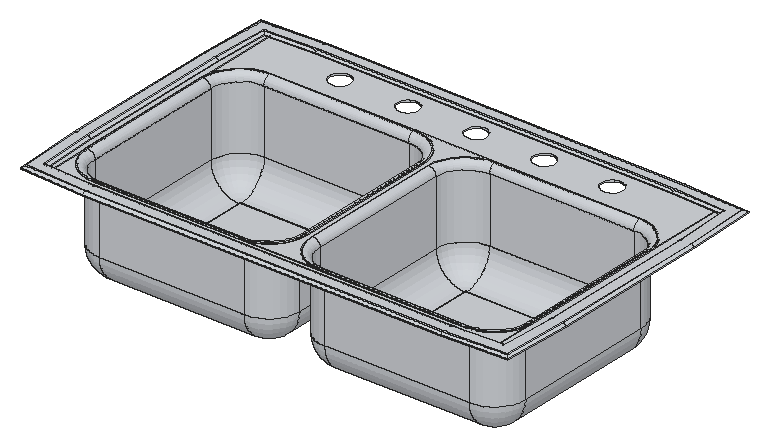
Revit family "LRAD291860", category Plumbing Fixtures, Revit 2019
Family settings
  Round Connector Dimension = Use Diameter
  Part Type = Normal
  OmniClass Number = 23.45.05.14.14
  OmniClass Title = Sinks/Lavatories
  Work Plane-Based = No
  Always vertical = Yes
  Cut with Voids When Loaded = No
  Shared = No
  Room Calculation Point = No
Parameters (values of type "LRAD2918605")
  URL = "www.elkayusa.com"
  Specification Sheet URL = "http://www.elkayusa.com/cps/rde/xbcr/elkay/01-62H_LR(Q)_LRAD(Q)_Double_Bowl.pdf"
  Sink Width = 1' - 6"  # constant formula
  Sink Material = none
  Sink Length = 2' - 5"  # constant formula
  Sink Ledge Sides Width = 0' - 1 7/8"  # constant formula
  Sink Ledge Front Width = 0' - 1 3/4"  # constant formula
  Sink Ledge Back Width = 0' - 4 1/4"  # constant formula
  Sink Depth = 0' - 6"  # constant formula
  Sink Bowl Formula = ((Sink Length - Sink Ledge Sides Width - Sink Ledge Sides Width - Partition Width) / 2)  # 1' - 0"
  Partition Width = 0' - 1 1/4"  # constant formula
  Model = "LR3321"
  Minimum Cabinet Width = "33\""
  Manufacturer = "Elkay Manufacturing"
  Installation Sheet URL = "http://www.elkayusa.com/cps/rde/xbcr/elkay/74180147.pdf"
  Hole 5 Top = 0' - 2"
  Hole 4 Top = 0' - 2"
  Hole 3 Top = 0' - 2"
  Hole 2 Top = 0' - 2"
  Hole 1 to 6 = 1' - 6"
  Hole 1 to 8 = 2' - 0"
  Hole 1 to 7 = 1' - 9"
  Hole 1 to 5 = 1' - 4"
  Hole 1 to 4 = 1' - 0"
  Hole 1 to 3 = 0' - 8"
  Hole 1 to 2 = 0' - 4"
  Hole 1 from CL = 0' - 8"
  Hole 1 Top = 0' - 2"
  Faucet Hole CL = 0' - 2 1/4"  # constant formula
  Drain Location = 0' - 6"  # constant formula
  Description = "Lustertone Double Bowl Sink"
  Deep Specification Sheet URL = "http://www.elkayusa.com/cps/rde/xbcr/elkay/01-19G_DLR(Q)_Double_Bowl.pdf"
  Custom Bowl = no
  Custom Bowl Length = ((Sink Length - Sink Ledge Sides Width - Sink Ledge Sides Width - Partition Width) / 2) - CL Sink to CL Partition  # 1' - 0"
  CL Sink to CL Partition = 0' - 0"
  Bowl Length = ((Sink Length - Sink Ledge Sides Width - Sink Ledge Sides Width - Partition Width) / 2)  # 1' - 0"
  Left Bowl Length = if(Custom Bowl, Custom Bowl Length, Sink Bowl Formula)  # 1' - 0"
  2D Hole 5 = Hole 5 Top = 0' 2"  # yes
  2D Hole 4 = Hole 4 Top = 0' 2"  # yes
  2D Hole 3 = Hole 3 Top = 0' 2"  # yes
  2D Hole 2 = Hole 2 Top = 0' 2"  # yes
  2D Hole 1 = Hole 1 Top = 0' 2"  # yes
Types (6): name | Hole 5 Top | Hole 4 Top | Hole 3 Top | Hole 2 Top | Hole 1 to 5 | Hole 1 from CL | 2D Hole 5 | 2D Hole 4 | 2D Hole 3 | 2D Hole 2
  LRAD2918605 | 0' - 2" | 0' - 2" | 0' - 2" | 0' - 2" | 1' - 4" | 0' - 8" | yes | yes | yes | yes
  LRAD2918604 | 0' - 1 1/2" | 0' - 2" | 0' - 2" | 0' - 2" | 1' - 3" | 0' - 4" | no | yes | yes | yes
  LRAD2918603 | 0' - 1 1/2" | 0' - 1 1/2" | 0' - 2" | 0' - 2" | 1' - 3" | 0' - 4" | no | no | yes | yes
  LRAD291860MR2 | 0' - 1 1/2" | 0' - 1 1/2" | 0' - 1 1/2" | 0' - 2" | 1' - 3" | 0' - 0" | no | no | no | yes
  LRAD2918602 | 0' - 1 1/2" | 0' - 1 1/2" | 0' - 1 1/2" | 0' - 2" | 1' - 3" | 0' - 2" | no | no | no | yes
  LRAD2918601 | 0' - 1 1/2" | 0' - 1 1/2" | 0' - 1 1/2" | 0' - 1 1/2" | 1' - 3" | 0' - 0" | no | no | no | no
Reference planes (in)
  plane 1 "CL Sink Hole": y = 0
  plane 2 "Rim Top Outside Corner": z = 0.0015695
  plane 3 "Center (Left/Right)": x = 0
  plane 4 "Basin Edge Left": x = -12.625
  plane 5 "Basin Edge Right": x = 12.625
  plane 6 "Basin Edge Back": y = 6
  plane 7 "Basin Edge Front": y = -6
  plane 8 "Left": x = -14.5
  plane 9 "Right": x = 14.5
  plane 10 "Back": y = 10.25
  plane 11 "Front": y = -7.75
  plane 12 "Sink Angle Back Corner": y = 10.0792275
  plane 13 "Sink Angle Right Corner": x = 14.3267866
  plane 14 "Sink Angle Right": x = 10.5172067
  plane 15 "Sink Angle Back": y = 5.9648437
  plane 16 "Sink Angle Left": x = -10.515625
  plane 17 "Sink Angle Left Corner": x = -14.328125
  plane 18 "Sink Angle Front Corner": y = -7.578125
  plane 19 "Sink Angle Front": y = -3.4648438
  plane 20 "Sink Top Face Back Edge": y = 9.2219509
  plane 21 "Sink Top Face Front Edge": y = -6.7226563
  plane 22 "Sink Top Face Right Edge": x = 13.0976563
  plane 23 "Sink Top Face Left Edge": x = -13.0976563
  plane 24 "Sink Bowl Bottom (Top Face)": z = -5.8945312
  plane 25 "Faucet CL": y = 8
  plane 26 "Sink Top Piece Top Face": z = -0.0194305
  plane 27 "Sink Top Piece Bottom Face": z = -0.0819305
  plane 28 "Left Sink Bottom Piece Right Edge": x = -2.3125
  plane 29 "Top Void for Radius Back Edge": y = 3.5
  plane 30 "back ledge void radius": y = 6.4921875
  plane 31 "front ledge void radius": y = -6.4921875
  plane 32 "Top Radius Corner Prot": z = -0.4405305
  plane 33: z = -4.2070312
  plane 34 "Sink Bowl Bottom (Bottom Face)": z = -5.9570312
  plane 35 "Left Sink Bottom Piece Left Edge": x = -10.9375
  plane 36 "Sink Bottom Piece Right Edge": x = 10.9375
  plane 37 "Sink Bottom Piece Back Edge": y = 4.3125
  plane 38 "Sink Bottom Piece Front Edge": y = -4.3125
  plane 39 "Top Void for Radius Front Edge": y = -3
  plane 40 "Sink Top Locked Edge Right": x = 13.5625
  plane 41 "Sink Top Locked Edge Left": x = -13.5625
  plane 42 "Hole 1": x = -8
  plane 43 "Hole 2": x = -4
  plane 44 "Hole 3": x = 0
  plane 45 "Hole 4": x = 4
  plane 46 "Hole 5": x = 8
  plane 47 "Faucet Hole Void Bottoms": z = -1.9984305
  plane 48 "Hole 1 Top": z = 0.0015695
  plane 49 "Hole 2 Top": z = 0.0015695
  plane 50 "Hole 3 Top": z = 0.0015695
  plane 51 "Hole 4 Top": z = 0.0015695
  plane 52 "Hole 5 Top": z = 0.0015695
  plane 53 "Top": z = 0.1054687
  plane 54 "Insertion Plan for Sink - Bottom Outside Corner of Rim": z = -0.0524008
  plane 55 "Center (Front/Back)": y = 0
  plane 56 "CL PARTITION": x = 0
  plane 57 "LEFT BOWL RIGHT EDGE": x = -0.625
  plane 58 "RIGHT BOWL LEFT EDGE": x = 0.625
  plane 59 "Sink Bottom Piece Left Edge": x = 2.3125
  plane 60 "Left Bowl CL Drain": x = -6.625
  plane 61 "Right Bowl CL Drain": x = 6.625
  plane 62 "Left Partition Left Edge": x = -0.1328125
  plane 63 "Left Partition Right Edge": x = 0.1328125
Forms (in)
  Sweep 1, solid, material <- "Sink Material"
    path origin (0, 0, 0) x (1, 0, 0) y (0, 1, 0)
      loop
        line (10.5172067, 10.25) -> (-10.515625, 10.25) -> (-14.328125, 10.0792275) -> (-14.5, 5.9648437) -> (-14.5, -3.4648438) -> (-14.328125, -7.578125) -> (-10.515625, -7.75) -> (10.5172067, -7.75) -> (14.3267866, -7.578125) -> (14.5, -3.4648438) -> (14.5, 5.9648437) -> (14.3267866, 10.0792275) -> (10.5172067, 10.25)
    profile "profile-elkay-sink-rim-1 : profile-elkay-sink-rim-1" origin (0.0007909, 10.25, 0) x (0, -1, 0) y (0, 0, 1)
      loop
        line (0, 0) -> (0, -0.0524008) -> (0.2039181, 0.0577989) -> (0.8052651, 0.0577989) -> (1.0074493, -0.0709913) -> (1.0074493, -0.0163327) -> (0.841093, 0.0896347)
        arc (0.841093, 0.0896347) -> (0.8176388, 0.1002604) -> (0.7921483, 0.1038992) r 0.091102
        line (0.7921483, 0.1038992) -> (0.2153023, 0.1038992)
        arc (0.2153023, 0.1038992) -> (0.1929626, 0.1011179) -> (0.1719868, 0.0929438) r 0.0911081
        line (0.1719868, 0.0929438) -> (0, 0)
  Extrusion 2, solid, material <- "Sink Material"
    sketch origin (0, 0, 0) x (1, 0, 0) y (0, 1, 0)
      loop
        line (-13.0976563, 9.2219509) -> (-13.0976563, 3.5) -> (13.0976563, 3.5) -> (13.0976563, 9.2219509) -> (-13.0976563, 9.2219509)
    from -0.0819305 to -0.0194305
  Extrusion 3, void
    sketch origin (0, 0, 0) x (1, 0, 0) y (0, 1, 0)
      loop
        line (13.0976563, 3.5) -> (13.0976563, 4.1441505)
        arc (13.0976563, 4.1441505) -> (12.4099322, 5.8044634) -> (10.7496193, 6.4921875) r 2.348037
        line (10.7496193, 6.4921875) -> (-10.75, 6.4921875)
        arc (-10.75, 6.4921875) -> (-12.4100437, 5.8045749) -> (-13.0976563, 4.1445312) r 2.3476562
        line (-13.0976563, 4.1445312) -> (-13.0976563, 3.5) -> (13.0976563, 3.5)
    from -0.7469965 to 0.495879
  Extrusion 4, solid, material <- "Sink Material"
    sketch origin (0, 0, 0) x (1, 0, 0) y (0, 1, 0)
      loop
        line (-13.0976563, -3.4648438) -> (-13.0976563, -6.7226563) -> (13.0976563, -6.7226563) -> (13.0976563, -3.4648438) -> (-13.0976563, -3.4648438)
    from -0.0819305 to -0.0194305
  Extrusion 5, void
    sketch origin (0, 0, 0) x (1, 0, 0) y (0, 1, 0)
      loop
        line (-13.0976563, -3) -> (-13.0976563, -4.2107599)
        arc (-13.0976563, -4.2107599) -> (-12.4294416, -5.8239728) -> (-10.8162287, -6.4921875) r 2.2814276
        line (-10.8162287, -6.4921875) -> (10.8164063, -6.4921875)
        arc (10.8164063, -6.4921875) -> (12.4294936, -5.8240248) -> (13.0976563, -4.2109375) r 2.28125
        line (13.0976563, -4.2109375) -> (13.0976563, -3) -> (-13.0976563, -3)
    from -1.9984305 to 0.6466859
  Extrusion 6, solid, material <- "Sink Material"
    sketch origin (0, 0, 0) x (1, 0, 0) y (0, 1, 0)
      loop
        line (-13.5625, 9.2219509) -> (-13.5625, -6.7226563) -> (-13.0976563, -6.7226563) -> (-13.0976563, 9.2219509) -> (-13.5625, 9.2219509)
    from -0.0819305 to -0.0194305
  Extrusion 7, solid, material <- "Sink Material"
    sketch origin (0, 0, 0) x (1, 0, 0) y (0, 1, 0)
      loop
        line (13.0976563, 9.2219509) -> (13.0976563, -6.7226563) -> (13.5625, -6.7226563) -> (13.5625, 9.2219509) -> (13.0976563, 9.2219509)
    from -0.0819305 to -0.0194305
  Sweep 8, solid, material <- "Sink Material"
    path origin (-14.75, 0, -0.0194305) x (-1, 0, 0) y (0, -1, 0)
      loop
        line (-12.375, -6) -> (-3.875, -6)
        arc (-3.875, -6) -> (-2.6375631, -5.4874369) -> (-2.125, -4.25) r 1.75
        line (-2.125, -4.25) -> (-2.125, 4.25)
        arc (-2.125, 4.25) -> (-2.6375631, 5.4874369) -> (-3.875, 6) r 1.75
        line (-3.875, 6) -> (-12.375, 6)
        arc (-12.375, 6) -> (-13.6124369, 5.4874369) -> (-14.125, 4.25) r 1.75
        line (-14.125, 4.25) -> (-14.125, -4.25)
        arc (-14.125, -4.25) -> (-13.6124369, -5.4874369) -> (-12.375, -6) r 1.75
    profile "profile-elkay-sink-top corner : profile-elkay-sink-top corner" origin (-6.625, 6, -0.0194305) x (0, -1, 0) y (0, 0, 1)
      loop
        line (-0.4204811, 0) -> (-0.4921875, 0) -> (-0.4921875, -0.0461) -> (-0.4204811, -0.0461)
        arc (-0.4204811, -0.0461) -> (-0.1553161, -0.155935) -> (-0.0454811, -0.4211) r 0.375
        line (-0.0454811, -0.4211) -> (0.0006189, -0.4211)
        arc (0.0006189, -0.4211) -> (-0.1227185, -0.1233373) -> (-0.4204811, 0) r 0.4211
  Sweep 9, solid, material <- "Sink Material"
    path origin (-14.75, 0, -5.8945312) x (-1, 0, 0) y (0, -1, 0)
      loop
        line (-2.125, -4.25) -> (-2.125, 4.25)
        arc (-2.125, 4.25) -> (-2.6375631, 5.4874369) -> (-3.875, 6) r 1.75
        line (-3.875, 6) -> (-12.375, 6)
        arc (-12.375, 6) -> (-13.6124369, 5.4874369) -> (-14.125, 4.25) r 1.75
        line (-14.125, 4.25) -> (-14.125, -4.25)
        arc (-14.125, -4.25) -> (-13.6124369, -5.4874369) -> (-12.375, -6) r 1.75
        line (-12.375, -6) -> (-3.875, -6)
        arc (-3.875, -6) -> (-2.6375631, -5.4874369) -> (-2.125, -4.25) r 1.75
    profile "profile-elkay-sink-btm-crnr_1-6875 : profile-elkay-sink-btm-crnr_1-6875" origin (-12.625, 0, -5.8945312) x (1, 0, 0) y (0, 0, 1)
      loop
        line (1.6875, -0.0625) -> (1.6875, 0)
        arc (1.6875, 0) -> (0.4942573, 0.4942573) -> (0, 1.6875) r 1.6875
        line (0, 1.6875) -> (-0.0625, 1.6875)
        arc (-0.0625, 1.6875) -> (0.4500631, 0.4500631) -> (1.6875, -0.0625) r 1.75
  Extrusion 10, solid, material <- "Sink Material"
    sketch origin (0, 0, 0) x (1, 0, 0) y (0, 1, 0)
      loop
        line (-10.9375, 4.3125) -> (-10.9375, -4.3125) -> (-2.3125, -4.3125) -> (-2.3125, 4.3125) -> (-10.9375, 4.3125)
    from -5.9570312 to -5.8945312
  Extrusion 11, solid, material <- "Sink Material"
    sketch origin (-14.75, 0, 0) x (1, 0, 0) y (0, 1, 0)
      loop
        arc (3.875, 6) -> (2.6375631, 5.4874369) -> (2.125, 4.25) r 1.75
        line (2.125, 4.25) -> (2.125, -4.25)
        arc (2.125, -4.25) -> (2.6375631, -5.4874369) -> (3.875, -6) r 1.75
        line (3.875, -6) -> (12.375, -6)
        arc (12.375, -6) -> (13.6124369, -5.4874369) -> (14.125, -4.25) r 1.75
        line (14.125, -4.25) -> (14.125, 4.25)
        arc (14.125, 4.25) -> (13.6124369, 5.4874369) -> (12.375, 6) r 1.75
        line (12.375, 6) -> (3.875, 6)
      loop
        arc (3.875, 6.0625) -> (2.593369, 5.531631) -> (2.0625, 4.25) r 1.8125
        line (2.0625, 4.25) -> (2.0625, -4.25)
        arc (2.0625, -4.25) -> (2.593369, -5.531631) -> (3.875, -6.0625) r 1.8125
        line (3.875, -6.0625) -> (12.375, -6.0625)
        arc (12.375, -6.0625) -> (13.656631, -5.531631) -> (14.1875, -4.25) r 1.8125
        line (14.1875, -4.25) -> (14.1875, 4.25)
        arc (14.1875, 4.25) -> (13.656631, 5.531631) -> (12.375, 6.0625) r 1.8125
        line (12.375, 6.0625) -> (3.875, 6.0625)
    from -4.2070312 to -0.4405305
  Extrusion 12, void
    sketch origin (0, 0, 0) x (1, 0, 0) y (0, 1, 0)
      loop
        circle (-6.625, 0) r 2.5
    from -5.9570312 to -5.8320312
  Sweep 13, solid, material <- "Sink Material"
    path origin (-14.75, 0, -5.8945312) x (-1, 0, 0) y (0, -1, 0)
      loop
        circle (-8.125, 0) r 2.501635
    profile "profile-elkay-sink-hole-1 : profile-elkay-sink-hole-1" origin (-6.625, -2.501635, -5.8945312) x (0, 1, 0) y (0, 0, 1)
      loop
        line (0.5785343, -0.3269365) -> (0.1564602, -0.1343744)
        arc (0.1564602, -0.1343744) -> (0.1424945, -0.125589) -> (0.1313144, -0.1134552) r 0.0625
        line (0.1313144, -0.1134552) -> (0.0881719, -0.0522605)
        arc (0.0881719, -0.0522605) -> (0.0506391, -0.015074) -> (0, 0) r 0.1086
        line (0, 0) -> (0, -0.0461763)
        arc (0, -0.0461763) -> (0.0262058, -0.0541921) -> (0.0464633, -0.0726482) r 0.0625
        line (0.0464633, -0.0726482) -> (0.093406, -0.1396891)
        arc (0.093406, -0.1396891) -> (0.1129384, -0.1609677) -> (0.1373891, -0.176345) r 0.1086
        line (0.1373891, -0.176345) -> (0.5785343, -0.3776079) -> (0.5785343, -0.3269365)
  Sweep 14, solid, material <- "Sink Material"
    path origin (14.75, 0, -0.0194305) x (-1, 0, 0) y (0, -1, 0)
      loop
        line (3.875, -6) -> (12.375, -6)
        arc (12.375, -6) -> (13.6124369, -5.4874369) -> (14.125, -4.25) r 1.75
        line (14.125, -4.25) -> (14.125, 4.25)
        arc (14.125, 4.25) -> (13.6124369, 5.4874369) -> (12.375, 6) r 1.75
        line (12.375, 6) -> (3.875, 6)
        arc (3.875, 6) -> (2.6375631, 5.4874369) -> (2.125, 4.25) r 1.75
        line (2.125, 4.25) -> (2.125, -4.25)
        arc (2.125, -4.25) -> (2.6375631, -5.4874369) -> (3.875, -6) r 1.75
    profile "profile-elkay-sink-top corner : profile-elkay-sink-top corner" origin (6.625, 6, -0.0194305) x (0, -1, 0) y (0, 0, 1)
      loop
        line (-0.4204811, 0) -> (-0.4921875, 0) -> (-0.4921875, -0.0461) -> (-0.4204811, -0.0461)
        arc (-0.4204811, -0.0461) -> (-0.1553161, -0.155935) -> (-0.0454811, -0.4211) r 0.375
        line (-0.0454811, -0.4211) -> (0.0006189, -0.4211)
        arc (0.0006189, -0.4211) -> (-0.1227185, -0.1233373) -> (-0.4204811, 0) r 0.4211
  Sweep 15, solid, material <- "Sink Material"
    path origin (14.75, 0, -5.8945312) x (-1, 0, 0) y (0, -1, 0)
      loop
        line (14.125, -4.25) -> (14.125, 4.25)
        arc (14.125, 4.25) -> (13.6124369, 5.4874369) -> (12.375, 6) r 1.75
        line (12.375, 6) -> (3.875, 6)
        arc (3.875, 6) -> (2.6375631, 5.4874369) -> (2.125, 4.25) r 1.75
        line (2.125, 4.25) -> (2.125, -4.25)
        arc (2.125, -4.25) -> (2.6375631, -5.4874369) -> (3.875, -6) r 1.75
        line (3.875, -6) -> (12.375, -6)
        arc (12.375, -6) -> (13.6124369, -5.4874369) -> (14.125, -4.25) r 1.75
    profile "profile-elkay-sink-btm-crnr_1-6875 : profile-elkay-sink-btm-crnr_1-6875" origin (0.625, 0, -5.8945312) x (1, 0, 0) y (0, 0, 1)
      loop
        line (1.6875, -0.0625) -> (1.6875, 0)
        arc (1.6875, 0) -> (0.4942573, 0.4942573) -> (0, 1.6875) r 1.6875
        line (0, 1.6875) -> (-0.0625, 1.6875)
        arc (-0.0625, 1.6875) -> (0.4500631, 0.4500631) -> (1.6875, -0.0625) r 1.75
  Extrusion 16, solid, material <- "Sink Material"
    sketch origin (14.75, 0, 0) x (1, 0, 0) y (0, 1, 0)
      loop
        arc (-12.375, 6) -> (-13.6124369, 5.4874369) -> (-14.125, 4.25) r 1.75
        line (-14.125, 4.25) -> (-14.125, -4.25)
        arc (-14.125, -4.25) -> (-13.6124369, -5.4874369) -> (-12.375, -6) r 1.75
        line (-12.375, -6) -> (-3.875, -6)
        arc (-3.875, -6) -> (-2.6375631, -5.4874369) -> (-2.125, -4.25) r 1.75
        line (-2.125, -4.25) -> (-2.125, 4.25)
        arc (-2.125, 4.25) -> (-2.6375631, 5.4874369) -> (-3.875, 6) r 1.75
        line (-3.875, 6) -> (-12.375, 6)
      loop
        arc (-12.375, 6.0625) -> (-13.656631, 5.531631) -> (-14.1875, 4.25) r 1.8125
        line (-14.1875, 4.25) -> (-14.1875, -4.25)
        arc (-14.1875, -4.25) -> (-13.656631, -5.531631) -> (-12.375, -6.0625) r 1.8125
        line (-12.375, -6.0625) -> (-3.875, -6.0625)
        arc (-3.875, -6.0625) -> (-2.593369, -5.531631) -> (-2.0625, -4.25) r 1.8125
        line (-2.0625, -4.25) -> (-2.0625, 4.25)
        arc (-2.0625, 4.25) -> (-2.593369, 5.531631) -> (-3.875, 6.0625) r 1.8125
        line (-3.875, 6.0625) -> (-12.375, 6.0625)
    from -4.2070312 to -0.4405305
  Extrusion 17, solid, material <- "Sink Material"
    sketch origin (0, 0, 0) x (1, 0, 0) y (0, 1, 0)
      loop
        line (2.3125, 4.3125) -> (2.3125, -4.3125) -> (10.9375, -4.3125) -> (10.9375, 4.3125) -> (2.3125, 4.3125)
    from -5.9570312 to -5.8945312
  Extrusion 18, void
    sketch origin (0, 0, 0) x (1, 0, 0) y (0, 1, 0)
      loop
        circle (6.625, 0) r 2.5
    from -5.9570312 to -4.2070312
  Sweep 19, solid, material <- "Sink Material"
    path origin (14.75, 0, -5.8945312) x (-1, 0, 0) y (0, -1, 0)
      loop
        circle (8.125, 0) r 2.501635
    profile "profile-elkay-sink-hole-1 : profile-elkay-sink-hole-1" origin (6.625, -2.501635, -5.8945312) x (0, 1, 0) y (0, 0, 1)
      loop
        line (0.5785343, -0.3269365) -> (0.1564602, -0.1343744)
        arc (0.1564602, -0.1343744) -> (0.1424945, -0.125589) -> (0.1313144, -0.1134552) r 0.0625
        line (0.1313144, -0.1134552) -> (0.0881719, -0.0522605)
        arc (0.0881719, -0.0522605) -> (0.0506391, -0.015074) -> (0, 0) r 0.1086
        line (0, 0) -> (0, -0.0461763)
        arc (0, -0.0461763) -> (0.0262058, -0.0541921) -> (0.0464633, -0.0726482) r 0.0625
        line (0.0464633, -0.0726482) -> (0.093406, -0.1396891)
        arc (0.093406, -0.1396891) -> (0.1129384, -0.1609677) -> (0.1373891, -0.176345) r 0.1086
        line (0.1373891, -0.176345) -> (0.5785343, -0.3776079) -> (0.5785343, -0.3269365)
  Extrusion 20, void
    sketch origin (0, 0, 0) x (1, 0, 0) y (0, 1, 0)
      loop
        circle (-8, 8) r 0.625
    from -1.9984305 to 0.0015695
  Extrusion 21, void
    sketch origin (0, 0, 0) x (1, 0, 0) y (0, 1, 0)
      loop
        circle (-4, 8) r 0.625
    from -1.9984305 to 0.0015695
  Extrusion 22, void
    sketch origin (0, 0, 0) x (1, 0, 0) y (0, 1, 0)
      loop
        circle (0, 8) r 0.625
    from -1.9984305 to 0.0015695
  Extrusion 23, void
    sketch origin (0, 0, 0) x (1, 0, 0) y (0, 1, 0)
      loop
        circle (4, 8) r 0.625
    from -1.9984305 to 0.0015695
  Extrusion 24, void
    sketch origin (0, 0, 0) x (1, 0, 0) y (0, 1, 0)
      loop
        circle (8, 8) r 0.625
    from -1.9984305 to 0.0015695
  Extrusion 25, solid, material <- "Sink Material"
    sketch origin (0, 0, 0) x (1, 0, 0) y (0, 1, 0)
      loop
        arc (-2.375, 6.4921875) -> (-0.789534, 5.835466) -> (-0.1328125, 4.25) r 2.2421875
        line (-0.1328125, 4.25) -> (-0.1328125, -4.25)
        arc (-0.1328125, -4.25) -> (-0.789534, -5.835466) -> (-2.375, -6.4921875) r 2.2421875
        line (-2.375, -6.4921875) -> (2.375, -6.4921875)
        arc (2.375, -6.4921875) -> (0.789534, -5.835466) -> (0.1328125, -4.25) r 2.2421875
        line (0.1328125, -4.25) -> (0.1328125, 4.25)
        arc (0.1328125, 4.25) -> (0.789534, 5.835466) -> (2.375, 6.4921875) r 2.2421875
        line (2.375, 6.4921875) -> (-2.375, 6.4921875)
    from -0.0819305 to -0.0194305
Cuts and joins
  Extrusion 3, Extrusion 12, Extrusion 18, Extrusion 20, Extrusion 21, Extrusion 22, Extrusion 23, Extrusion 24 cuts Sweep 1
  Extrusion 3, Extrusion 20, Extrusion 21, Extrusion 22, Extrusion 23, Extrusion 24 cuts Extrusion 2
  Extrusion 5 cuts Extrusion 4
  Extrusion 12 cuts Extrusion 10
  Extrusion 18 cuts Extrusion 17
Lines and regions (in)
  reference lines
    curve 1: line (10.5172067, 10.25, 0) -> (14.3267866, 10.0792275, 0)
    curve 2: line (14.3267866, 10.0792275, 0) -> (14.5, 5.9648437, 0)
    curve 3: line (-10.515625, 10.25, 0) -> (-14.328125, 10.0792275, 0)
    curve 4: line (-14.328125, 10.0792275, 0) -> (-14.5, 5.9648437, 0)
    curve 5: line (-14.5, -3.4648438, 0) -> (-14.328125, -7.578125, 0)
    curve 6: line (-14.328125, -7.578125, 0) -> (-10.515625, -7.75, 0)
    curve 7: line (14.5, -3.4648438, 0) -> (14.3267866, -7.578125, 0)
    curve 8: line (14.3267866, -7.578125, 0) -> (10.5172067, -7.75, 0)
Dimensions and locks (in)
  "Sink Ledge Sides Width": plane 8 "Left" to plane 4 "Basin Edge Left"
  "Sink Ledge Sides Width": plane 5 "Basin Edge Right" to plane 9 "Right"
  "Sink Length": plane 8 "Left" to plane 9 "Right"
  "Drain Location": plane 6 "Basin Edge Back" to plane 1 "CL Sink Hole"
  "Sink Ledge Back Width": plane 10 "Back" to plane 6 "Basin Edge Back"
  "Sink Ledge Front Width": plane 7 "Basin Edge Front" to plane 11 "Front"
  locked: plane 13 "Sink Angle Right Corner" to plane 9 "Right" at 0.1732134
  locked: plane 10 "Back" to plane 12 "Sink Angle Back Corner" at 0.1707725
  locked: plane 14 "Sink Angle Right" to plane 9 "Right" at 3.9827933
  locked: plane 10 "Back" to plane 15 "Sink Angle Back" at 4.2851562
  locked: plane 8 "Left" to plane 17 "Sink Angle Left Corner" at 0.171875
  locked: plane 8 "Left" to plane 16 "Sink Angle Left" at 3.984375
  locked: plane 18 "Sink Angle Front Corner" to plane 11 "Front" at 0.171875
  locked: plane 19 "Sink Angle Front" to plane 11 "Front" at 4.2851562
  "Sink Width": plane 10 "Back" to plane 11 "Front"
  locked: plane 10 "Back" to plane 20 "Sink Top Face Back Edge" at 1.0280491
  locked: plane 21 "Sink Top Face Front Edge" to plane 11 "Front" at 1.0273438
  locked: plane 23 "Sink Top Face Left Edge" to plane 4 "Basin Edge Left" at 0.4726562
  "Sink Depth": plane 53 "Top" to plane 24 "Sink Bowl Bottom (Top Face)"
  "Faucet Hole CL": plane 10 "Back" to plane 25 "Faucet CL"
  locked: plane 2 "Rim Top Outside Corner" to plane 26 "Sink Top Piece Top Face" at 0.021
  locked: plane 26 "Sink Top Piece Top Face" to plane 27 "Sink Top Piece Bottom Face" at 0.0625
  locked: plane 6 "Basin Edge Back" to plane 29 "Top Void for Radius Back Edge" at 2.5
  locked: plane 30 "back ledge void radius" to plane 29 "Top Void for Radius Back Edge" at 2.9921875
  locked: plane 39 "Top Void for Radius Front Edge" to plane 31 "front ledge void radius" at 3.4921875
  locked: plane 2 "Rim Top Outside Corner" to plane 32 "Top Radius Corner Prot" at 0.4421
  locked: plane 33 to plane 24 "Sink Bowl Bottom (Top Face)" at 1.6875
  locked: plane 24 "Sink Bowl Bottom (Top Face)" to plane 34 "Sink Bowl Bottom (Bottom Face)" at 0.0625
  locked: plane 38 "Sink Bottom Piece Front Edge" to plane 7 "Basin Edge Front" at 1.6875
  locked: plane 4 "Basin Edge Left" to plane 35 "Left Sink Bottom Piece Left Edge" at 1.6875
  locked: plane 36 "Sink Bottom Piece Right Edge" to plane 5 "Basin Edge Right" at 1.6875
  locked: plane 6 "Basin Edge Back" to plane 37 "Sink Bottom Piece Back Edge" at 1.6875
  locked: plane 39 "Top Void for Radius Front Edge" to plane 7 "Basin Edge Front" at 3
  locked: plane 5 "Basin Edge Right" to plane 22 "Sink Top Face Right Edge" at 0.4726562
  locked: Extrusion 3 sketch curve to plane 5 "Basin Edge Right" at 1.8753807
  locked: plane 6 "Basin Edge Back" to Extrusion 3 sketch curve at 1.8558495
  locked: plane 4 "Basin Edge Left" to Extrusion 3 sketch curve at 1.875
  locked: plane 6 "Basin Edge Back" to Extrusion 3 sketch curve at 1.8554688
  locked: plane 4 "Basin Edge Left" to Extrusion 5 sketch curve at 1.8087713
  locked: Extrusion 5 sketch curve to plane 5 "Basin Edge Right" at 1.8085938
  locked: Extrusion 5 sketch curve to plane 7 "Basin Edge Front" at 1.7892401
  locked: Extrusion 5 sketch curve to plane 7 "Basin Edge Front" at 1.7890625
  locked: plane 40 "Sink Top Locked Edge Right" to plane 9 "Right" at 0.9375
  locked: plane 8 "Left" to plane 41 "Sink Top Locked Edge Left" at 0.9375
  "Hole 1 from CL": plane 42 "Hole 1" to plane 3 "Center (Left/Right)"
  "Hole 1 to 2": plane 42 "Hole 1" to plane 43 "Hole 2"
  "Hole 1 to 3": plane 42 "Hole 1" to plane 44 "Hole 3"
  "Hole 1 to 4": plane 42 "Hole 1" to plane 45 "Hole 4"
  "Hole 1 to 5": plane 42 "Hole 1" to plane 46 "Hole 5"
  locked: plane 2 "Rim Top Outside Corner" to plane 47 "Faucet Hole Void Bottoms" at 2
  "Hole 1 Top": plane 48 "Hole 1 Top" to plane 47 "Faucet Hole Void Bottoms"
  "Hole 2 Top": plane 49 "Hole 2 Top" to plane 47 "Faucet Hole Void Bottoms"
  "Hole 3 Top": plane 50 "Hole 3 Top" to plane 47 "Faucet Hole Void Bottoms"
  "Hole 4 Top": plane 51 "Hole 4 Top" to plane 47 "Faucet Hole Void Bottoms"
  "Hole 5 Top": plane 52 "Hole 5 Top" to plane 47 "Faucet Hole Void Bottoms"
  locked: plane 53 "Top" to plane 2 "Rim Top Outside Corner" at 0.1038992
  locked: plane 53 "Top" to plane 54 "Insertion Plan for Sink - Bottom Outside Corner of Rim" at 0.1578695
  equal spacing: plane 6 "Basin Edge Back", plane 55 "Center (Front/Back)", plane 7 "Basin Edge Front"
  locked: plane 28 "Left Sink Bottom Piece Right Edge" to plane 57 "LEFT BOWL RIGHT EDGE" at 1.6875
  locked: plane 58 "RIGHT BOWL LEFT EDGE" to plane 59 "Sink Bottom Piece Left Edge" at 1.6875
  locked: plane 6 "Basin Edge Back" to Sweep 8 sketch curve at 1.75  (x2)
  locked: plane 4 "Basin Edge Left" to Sweep 8 sketch curve at 1.75  (x2)
  locked: Sweep 8 sketch curve to plane 57 "LEFT BOWL RIGHT EDGE" at 1.75  (x2)
  locked: Sweep 8 sketch curve to plane 7 "Basin Edge Front" at 1.75  (x2)
  equal spacing: plane 8 "Left", plane 3 "Center (Left/Right)", plane 9 "Right"
  equal spacing: plane 4 "Basin Edge Left", plane 60 "Left Bowl CL Drain", plane 57 "LEFT BOWL RIGHT EDGE"
  equal spacing: plane 58 "RIGHT BOWL LEFT EDGE", plane 61 "Right Bowl CL Drain", plane 5 "Basin Edge Right"
  locked: plane 4 "Basin Edge Left" to Sweep 9 sketch curve at 1.75  (x2)
  locked: Sweep 9 sketch curve to plane 57 "LEFT BOWL RIGHT EDGE" at 1.75  (x2)
  locked: plane 6 "Basin Edge Back" to Sweep 9 sketch curve at 1.75  (x2)
  locked: Sweep 9 sketch curve to plane 7 "Basin Edge Front" at 1.75  (x2)
  locked: plane 6 "Basin Edge Back" to Extrusion 11 sketch curve at 1.75  (x2)
  locked: plane 4 "Basin Edge Left" to Extrusion 11 sketch curve at 1.75  (x2)
  locked: Extrusion 11 sketch curve to plane 57 "LEFT BOWL RIGHT EDGE" at 1.75  (x2)
  locked: Extrusion 11 sketch curve to plane 7 "Basin Edge Front" at 1.75  (x2)
  locked: plane 58 "RIGHT BOWL LEFT EDGE" to Sweep 14 sketch curve at 1.75  (x2)
  locked: Sweep 14 sketch curve to plane 5 "Basin Edge Right" at 1.75  (x2)
  locked: plane 6 "Basin Edge Back" to Sweep 14 sketch curve at 1.75  (x2)
  locked: Sweep 14 sketch curve to plane 7 "Basin Edge Front" at 1.75  (x2)
  locked: Sweep 15 sketch curve to plane 5 "Basin Edge Right" at 1.75  (x2)
  locked: Sweep 15 sketch curve to plane 7 "Basin Edge Front" at 1.75  (x2)
  locked: plane 58 "RIGHT BOWL LEFT EDGE" to Sweep 15 sketch curve at 1.75  (x2)
  locked: plane 6 "Basin Edge Back" to Sweep 15 sketch curve at 1.75  (x2)
  locked: plane 58 "RIGHT BOWL LEFT EDGE" to Extrusion 16 sketch curve at 1.75  (x2)
  locked: Extrusion 16 sketch curve to plane 5 "Basin Edge Right" at 1.75  (x2)
  locked: Extrusion 16 sketch curve to plane 7 "Basin Edge Front" at 1.75  (x2)
  locked: plane 6 "Basin Edge Back" to Extrusion 16 sketch curve at 1.75  (x2)
  plane 8 "Left" to plane 42 "Hole 1" = 0' - 6 1/2"
  locked: Extrusion 25 sketch curve to plane 57 "LEFT BOWL RIGHT EDGE" at 1.75  (x2)
  locked: plane 6 "Basin Edge Back" to Extrusion 25 sketch curve at 1.75  (x2)
  locked: Extrusion 25 sketch curve to plane 31 "front ledge void radius" at 2.2421875  (x2)
  plane 62 "Left Partition Left Edge" to plane 56 "CL PARTITION" to plane 63 "Left Partition Right Edge" = 0' - 0 17/128" locked, 0' - 0 17/128" locked
  "CL Sink to CL Partition": plane 56 "CL PARTITION" to plane 3 "Center (Left/Right)"
  "Partition Width": plane 57 "LEFT BOWL RIGHT EDGE" to plane 58 "RIGHT BOWL LEFT EDGE"
  equal spacing: plane 57 "LEFT BOWL RIGHT EDGE", plane 56 "CL PARTITION", plane 58 "RIGHT BOWL LEFT EDGE"
  locked: plane 58 "RIGHT BOWL LEFT EDGE" to Extrusion 25 sketch curve at 1.75  (x2)
  aligned and locked: plane 9 "Right" to Sweep 1 sketch curve
  aligned and locked: plane 10 "Back" to Sweep 1 sketch curve
  aligned and locked: Sweep 1 sketch curve to plane 8 "Left"
  aligned and locked: Sweep 1 sketch curve to plane 11 "Front"
  aligned and locked: Sweep 1 sketch curve to curve 7
  aligned and locked: Sweep 1 sketch curve to curve 8
  aligned and locked: Sweep 1 sketch curve to curve 6
  aligned and locked: Sweep 1 sketch curve to curve 5
  aligned and locked: Sweep 1 sketch curve to curve 4
  aligned and locked: Sweep 1 sketch curve to curve 3
  aligned and locked: Sweep 1 sketch curve to curve 1
  aligned and locked: Sweep 1 sketch curve to curve 2
  aligned and locked: plane 29 "Top Void for Radius Back Edge" to Extrusion 2 sketch curve
  aligned and locked: plane 23 "Sink Top Face Left Edge" to Extrusion 2 sketch curve
  aligned and locked: Extrusion 2 sketch curve to plane 22 "Sink Top Face Right Edge"
  aligned and locked: Extrusion 2 sketch curve to plane 20 "Sink Top Face Back Edge"
  aligned and locked: Extrusion 2 to plane 27 "Sink Top Piece Bottom Face"
  aligned and locked: plane 23 "Sink Top Face Left Edge" to Extrusion 3 sketch curve
  aligned and locked: Extrusion 3 sketch curve to plane 22 "Sink Top Face Right Edge"
  aligned and locked: plane 29 "Top Void for Radius Back Edge" to Extrusion 3 sketch curve
  aligned and locked: plane 26 "Sink Top Piece Top Face" to Extrusion 2
  aligned and locked: plane 30 "back ledge void radius" to Extrusion 3 sketch curve
  aligned and locked: plane 23 "Sink Top Face Left Edge" to Extrusion 4 sketch curve
  aligned and locked: Extrusion 4 sketch curve to plane 19 "Sink Angle Front"
  aligned and locked: plane 21 "Sink Top Face Front Edge" to Extrusion 4 sketch curve
  aligned and locked: Extrusion 4 sketch curve to plane 22 "Sink Top Face Right Edge"
  aligned and locked: plane 26 "Sink Top Piece Top Face" to Extrusion 4
  aligned and locked: Extrusion 4 to plane 27 "Sink Top Piece Bottom Face"
  aligned and locked: Extrusion 5 sketch curve to plane 22 "Sink Top Face Right Edge"
  aligned and locked: plane 23 "Sink Top Face Left Edge" to Extrusion 5 sketch curve
  aligned and locked: plane 31 "front ledge void radius" to Extrusion 5 sketch curve
  aligned and locked: Extrusion 5 sketch curve to plane 39 "Top Void for Radius Front Edge"
  aligned and locked: plane 41 "Sink Top Locked Edge Left" to Extrusion 6 sketch curve
  aligned and locked: Extrusion 6 sketch curve to plane 23 "Sink Top Face Left Edge"
  aligned and locked: Extrusion 6 to plane 27 "Sink Top Piece Bottom Face"
  aligned and locked: plane 26 "Sink Top Piece Top Face" to Extrusion 6
  aligned and locked: plane 20 "Sink Top Face Back Edge" to Extrusion 6
  aligned and locked: Extrusion 6 to plane 21 "Sink Top Face Front Edge"
  aligned and locked: Extrusion 7 sketch curve to plane 20 "Sink Top Face Back Edge"
  aligned and locked: plane 22 "Sink Top Face Right Edge" to Extrusion 7 sketch curve
  aligned and locked: plane 21 "Sink Top Face Front Edge" to Extrusion 7 sketch curve
  aligned and locked: plane 40 "Sink Top Locked Edge Right" to Extrusion 7 sketch curve
  aligned and locked: plane 27 "Sink Top Piece Bottom Face" to Extrusion 7
  aligned and locked: plane 26 "Sink Top Piece Top Face" to Extrusion 7
  aligned and locked: Extrusion 5 to plane 47 "Faucet Hole Void Bottoms"
  aligned and locked: Sweep 8 sketch curve to plane 4 "Basin Edge Left"
  aligned and locked: Sweep 8 sketch curve to plane 57 "LEFT BOWL RIGHT EDGE"
  aligned and locked: Sweep 9 sketch curve to plane 57 "LEFT BOWL RIGHT EDGE"
  aligned and locked: Sweep 9 sketch curve to plane 6 "Basin Edge Back"
  aligned and locked: Sweep 9 sketch curve to plane 7 "Basin Edge Front"
  aligned and locked: plane 35 "Left Sink Bottom Piece Left Edge" to Extrusion 10 sketch curve
  aligned and locked: Extrusion 10 sketch curve to plane 28 "Left Sink Bottom Piece Right Edge"
  aligned and locked: plane 38 "Sink Bottom Piece Front Edge" to Extrusion 10 sketch curve
  aligned and locked: Extrusion 10 sketch curve to plane 37 "Sink Bottom Piece Back Edge"
  aligned and locked: Extrusion 10 to plane 34 "Sink Bowl Bottom (Bottom Face)"
  aligned and locked: plane 24 "Sink Bowl Bottom (Top Face)" to Extrusion 10
  aligned and locked: plane 4 "Basin Edge Left" to Extrusion 11 sketch curve
  aligned and locked: plane 7 "Basin Edge Front" to Extrusion 11 sketch curve
  aligned and locked: Extrusion 11 sketch curve to plane 57 "LEFT BOWL RIGHT EDGE"
  aligned and locked: Extrusion 11 sketch curve to plane 6 "Basin Edge Back"
  aligned and locked: plane 32 "Top Radius Corner Prot" to Extrusion 11
  aligned and locked: Extrusion 12 to plane 34 "Sink Bowl Bottom (Bottom Face)"
  aligned and locked: Sweep 14 sketch curve to plane 7 "Basin Edge Front"
  aligned and locked: Sweep 14 sketch curve to plane 5 "Basin Edge Right"
  aligned and locked: Sweep 14 sketch curve to plane 58 "RIGHT BOWL LEFT EDGE"
  aligned and locked: Sweep 15 sketch curve to plane 58 "RIGHT BOWL LEFT EDGE"
  aligned and locked: Sweep 15 sketch curve to plane 5 "Basin Edge Right"
  aligned and locked: Sweep 15 sketch curve to plane 7 "Basin Edge Front"
  aligned and locked: plane 32 "Top Radius Corner Prot" to Extrusion 16
  aligned and locked: plane 59 "Sink Bottom Piece Left Edge" to Extrusion 17 sketch curve
  aligned and locked: Extrusion 17 sketch curve to plane 36 "Sink Bottom Piece Right Edge"
  aligned and locked: plane 38 "Sink Bottom Piece Front Edge" to Extrusion 17 sketch curve
  aligned and locked: Extrusion 17 sketch curve to plane 37 "Sink Bottom Piece Back Edge"
  aligned: Extrusion 17 to plane 24 "Sink Bowl Bottom (Top Face)"
  aligned and locked: Extrusion 17 to plane 34 "Sink Bowl Bottom (Bottom Face)"
  aligned and locked: plane 24 "Sink Bowl Bottom (Top Face)" to Extrusion 17
  aligned and locked: Extrusion 18 to plane 34 "Sink Bowl Bottom (Bottom Face)"
  aligned and locked: plane 33 to Extrusion 18
  aligned and locked: plane 58 "RIGHT BOWL LEFT EDGE" to Extrusion 16 sketch curve
  aligned and locked: Extrusion 20 to plane 47 "Faucet Hole Void Bottoms"
  aligned and locked: Extrusion 21 to plane 47 "Faucet Hole Void Bottoms"
  aligned and locked: Extrusion 22 to plane 47 "Faucet Hole Void Bottoms"
  aligned and locked: Extrusion 23 to plane 47 "Faucet Hole Void Bottoms"
  aligned and locked: Extrusion 24 to plane 47 "Faucet Hole Void Bottoms"
  aligned and locked: Extrusion 20 to plane 48 "Hole 1 Top"
  aligned and locked: Extrusion 21 to plane 49 "Hole 2 Top"
  aligned and locked: Extrusion 22 to plane 50 "Hole 3 Top"
  aligned and locked: Extrusion 23 to plane 51 "Hole 4 Top"
  aligned and locked: plane 52 "Hole 5 Top" to Extrusion 24
  aligned and locked: plane 30 "back ledge void radius" to Extrusion 25 sketch curve
  aligned and locked: plane 31 "front ledge void radius" to Extrusion 25 sketch curve
  aligned and locked: Extrusion 25 sketch curve to plane 63 "Left Partition Right Edge"
  aligned and locked: plane 62 "Left Partition Left Edge" to Extrusion 25 sketch curve
  aligned and locked: Extrusion 25 to plane 27 "Sink Top Piece Bottom Face"
  aligned and locked: plane 26 "Sink Top Piece Top Face" to Extrusion 25
  aligned and locked: Extrusion 11 to plane 33
  aligned and locked: Extrusion 16 to plane 33
Automatic sketch dimensions
  curve 4 to plane 8 "Left" = 0' - 0"
  curve 5 to plane 8 "Left" = 0' - 0"
  curve 5 to plane 17 "Sink Angle Left Corner" = 0' - 0"
  curve 4 to plane 12 "Sink Angle Back Corner" = 0' - 0"
  curve 4 to plane 17 "Sink Angle Left Corner" = 0' - 0"
  curve 3 to plane 10 "Back" = 0' - 0"
  curve 3 to plane 16 "Sink Angle Left" = 0' - 0"
  curve 6 to plane 11 "Front" = 0' - 0"
  curve 6 to plane 16 "Sink Angle Left" = 0' - 0"
  curve 1 to plane 10 "Back" = 0' - 0"
  curve 1 to plane 14 "Sink Angle Right" = 0' - 0"
  curve 8 to plane 11 "Front" = 0' - 0"
  curve 8 to plane 14 "Sink Angle Right" = 0' - 0"
  curve 1 to plane 12 "Sink Angle Back Corner" = 0' - 0"
  curve 1 to plane 13 "Sink Angle Right Corner" = 0' - 0"
  curve 8 to plane 13 "Sink Angle Right Corner" = 0' - 0"
  curve 7 to plane 9 "Right" = 0' - 0"
  curve 2 to plane 9 "Right" = 0' - 0"
  curve 5 to plane 18 "Sink Angle Front Corner" = 0' - 0"
  curve 7 to plane 18 "Sink Angle Front Corner" = 0' - 0"
  curve 7 to plane 19 "Sink Angle Front" = 0' - 0"
  curve 5 to plane 19 "Sink Angle Front" = 0' - 0"
  curve 2 to plane 15 "Sink Angle Back" = 0' - 0"
  curve 4 to plane 15 "Sink Angle Back" = 0' - 0"
  Extrusion 6 sketch curve to plane 21 "Sink Top Face Front Edge" = 0' - 0"
  Extrusion 6 sketch curve to plane 20 "Sink Top Face Back Edge" = 0' - 0"
  Extrusion 11 sketch curve to Extrusion 11 sketch curve = 0' - 0"  (x7)
  Extrusion 11 sketch curve to Extrusion 11 sketch curve = 0' - 0 1/16"
  plane 1 "CL Sink Hole" to Extrusion 12 sketch curve = 0' - 0"
  Extrusion 12 sketch curve to plane 60 "Left Bowl CL Drain" = 0' - 0"
  plane 1 "CL Sink Hole" to Sweep 13 sketch curve = 0' - 0"
  Sweep 13 sketch curve to plane 60 "Left Bowl CL Drain" = 0' - 0"
  plane 1 "CL Sink Hole" to Extrusion 18 sketch curve = 0' - 0"
  Extrusion 18 sketch curve to plane 61 "Right Bowl CL Drain" = 0' - 0"
  Sweep 19 sketch curve to plane 1 "CL Sink Hole" = 0' - 0"
  plane 61 "Right Bowl CL Drain" to Sweep 19 sketch curve = 0' - 0"
  Extrusion 16 sketch curve to Extrusion 16 sketch curve = 0' - 0"  (x7)
  Extrusion 16 sketch curve to plane 7 "Basin Edge Front" = 0' - 0 1/16"
  Extrusion 20 sketch curve to plane 25 "Faucet CL" = 0' - 0"
  Extrusion 20 sketch curve to plane 42 "Hole 1" = 0' - 0"
  Extrusion 21 sketch curve to plane 25 "Faucet CL" = 0' - 0"
  Extrusion 21 sketch curve to plane 43 "Hole 2" = 0' - 0"
  Extrusion 22 sketch curve to plane 25 "Faucet CL" = 0' - 0"
  Extrusion 22 sketch curve to plane 44 "Hole 3" = 0' - 0"
  Extrusion 23 sketch curve to plane 25 "Faucet CL" = 0' - 0"
  Extrusion 23 sketch curve to plane 45 "Hole 4" = 0' - 0"
  Extrusion 24 sketch curve to plane 25 "Faucet CL" = 0' - 0"
  Extrusion 24 sketch curve to plane 46 "Hole 5" = 0' - 0"
  Extrusion 25 sketch curve to Extrusion 25 sketch curve = 0' - 0"  (x3)
  plane 63 "Left Partition Right Edge" to Extrusion 25 sketch curve = 0' - 2 31/128"
  radius of Extrusion 12 sketch curve = 0' - 2 1/2"
  radius of Sweep 13 sketch curve = 0' - 2.50164"
  radius of Extrusion 18 sketch curve = 0' - 2 1/2"
  radius of Sweep 19 sketch curve = 0' - 2.50164"
  radius of Extrusion 20 sketch curve = 0' - 0 5/8"
  radius of Extrusion 21 sketch curve = 0' - 0 5/8"
  radius of Extrusion 22 sketch curve = 0' - 0 5/8"
  radius of Extrusion 23 sketch curve = 0' - 0 5/8"
  radius of Extrusion 24 sketch curve = 0' - 0 5/8"
